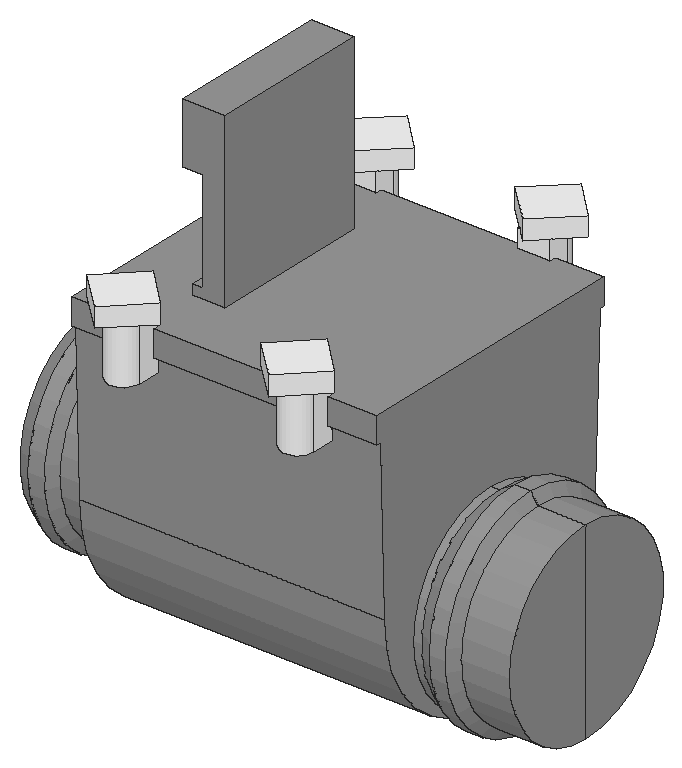
Revit family "HL_RU_Anti-flooding valve_HL710.1-A-171212", category Příslušenství trubek, Revit 2021
Family settings
  Kóta kulaté spojky = Použít průměr
  Typ dílu = Normální
  Číslo OmniClass = 23.65.55.14.21
  Nadpis OmniClass = Non-Return Valves for Liquid Services
  Založené na pracovní rovině = Ne
  Vždy vertikální = Ano
  Ořezat dutým tvarem při načtení = Ne
  Sdílené = Ne
Parameters
  РАЗМЕР = "DN110"
  ПРОПУСКНАЯ СПОСОБНОСТЬ [instance] = 0.0 m³/h
  ПРАВОВАЯ ИНФОРМАЦИЯ = "\"Copyright (©), design rights or any other intellectual property rights, shall be the exclusive property of HL Hutterer & Lechner GmbH. Modification is not allowed. Family has been watermarked.\""
  ПАДЕНИЕ ДАВЛЕНИЯ [instance] = 0.0 Pa
  НОМИНАЛЬНЫЙ ДИАМЕТР 2 = 110 mm
  НОМИНАЛЬНЫЙ ДИАМЕТР = 110 mm
  МАТЕРИАЛ = "ABS"
  ВЫСОТА МОНТАЖА = "320 mm"
  ВЕС = "1,747 kg"
  Výrobce = "HL Hutterer & Lechner GmbH"
  Výchozí výška = 0 mm
  URL = "http://www.hutterer-lechner.com/en/products/catalog/roof-drains/HL710.1.aspx"
  Description = "Anti flood valves"
  Model = "HL710.1"
  Type Comments = "anti-flood valve DN110 with stainless steel flap and manual blocking"
  Keynote = "HL710.1"
  EAN = "9003076971015"
  Cena = 0
Types (2, lengths in mm): name | ПРАВОВАЯ ИНФОРМАЦИЯ | URL | Description | Type Comments
  (no name) | "\"Copyright (©), design rights or any other intellectual property rights, shall be the exclusive property of HL Hutterer & Lechner GmbH. Modification is not allowed. Family has been watermarked.\"" | "http://www.hutterer-lechner.com/en/products/catalog/roof-drains/HL710.1.aspx" | "Anti flood valves" | "anti-flood valve DN110 with stainless steel flap and manual blocking"
  HL_Механический канализационный затвор_HL710.1 | "\"Авторские права(©), права на дизайн или какие либо другие права интелектуальной собственности являются исключительной собственностью компании HL Hutterer & Lechner. Изменению не подлежит. Файл семейства с данными о прозводителе изделия защищен паролем с водяным знаком.\"" | "http://www.hutterer-lechner.com/ru/products/catalog/roof-drains/HL710.1.aspx" | "Механический канализационный затвор" | "Механический канализационный затвор DN110 с заслонкой из нержавеющей стали и ручным затвором."
Reference planes
  plane 1 "Střed (vpředu/vzadu)": y = 0
  plane 2: z = 0
  plane 3 "Střed (vlevo/vpravo)": x = 0
Forms (mm)
  Sweep 1, solid, material "Plastic - Orange", detail levels fine
    path origin (99.75, -0.031, 123.14) x (1, 0, 0) y (0, 1, 0)
      loop
        line (94.75, 0) -> (-94.75, 0)
    profile origin (99.75, -0.031, 123.14) x (0, -1, 0) y (0, 0, 1)
      loop
        line (0, 0) -> (-88.191, 0) -> (-88.191, -16) -> (-85.007, -16) -> (-81.517, -115.939)
        arc (-81.517, -115.939) -> (-58.546, -174.931) -> (0, -199.017) r 80.412
        arc (0, -199.017) -> (58.546, -174.931) -> (81.517, -115.939) r 80.412
        line (81.517, -115.939) -> (85.007, -16) -> (88.191, -16) -> (88.191, 0) -> (0, 0)
  Extrusion 2, solid, material "Plactic - White", detail levels fine
    sketch origin (99.75, -0.031, 123.14) x (1, 0, 0) y (0, 1, 0)
      loop
        line (54, -121.127) -> (76.627, -98.5) -> (54, -75.873) -> (31.373, -98.5) -> (54, -121.127)
    from 11.235 to 23.235
  Extrusion 3, solid, material "Plactic - White", detail levels fine
    sketch origin (99.75, -0.031, 134.375) x (0, 1, 0) y (1, 0, 0)
      loop
        arc (-98.5, 64) -> (-108.5, 54) -> (-98.5, 44) r 10
        line (-98.5, 44) -> (-84.694, 44) -> (-84.694, 64) -> (-98.5, 64)
    from 0 to 37.235
  Extrusion 4, solid, material "Plactic - White", detail levels fine
    sketch origin (-8.25, -0.031, 123.14) x (1, 0, 0) y (0, 1, 0)
      loop
        line (54, -121.127) -> (76.627, -98.5) -> (54, -75.873) -> (31.373, -98.5) -> (54, -121.127)
    from 11.235 to 23.235
  Extrusion 5, solid, material "Plactic - White", detail levels fine
    sketch origin (-8.25, -0.031, 134.375) x (0, 1, 0) y (1, 0, 0)
      loop
        arc (-98.5, 64) -> (-108.5, 54) -> (-98.5, 44) r 10
        line (-98.5, 44) -> (-84.694, 44) -> (-84.694, 64) -> (-98.5, 64)
    from 0 to 37.235
  Extrusion 6, solid, material "Plactic - White", detail levels fine
    sketch origin (99.75, -0.031, 123.14) x (1, 0, 0) y (0, 1, 0)
      loop
        line (54, 121.127) -> (31.373, 98.5) -> (54, 75.873) -> (76.627, 98.5) -> (54, 121.127)
    from 11.235 to 23.235
  Extrusion 7, solid, material "Plactic - White", detail levels fine
    sketch origin (99.75, -0.031, 134.375) x (0, -1, 0) y (1, 0, 0)
      loop
        arc (-98.5, 64) -> (-108.5, 54) -> (-98.5, 44) r 10
        line (-98.5, 44) -> (-84.694, 44) -> (-84.694, 64) -> (-98.5, 64)
    from 0 to 37.235
  Extrusion 8, solid, material "Plactic - White", detail levels fine
    sketch origin (-8.25, -0.031, 123.14) x (1, 0, 0) y (0, 1, 0)
      loop
        line (54, 121.127) -> (31.373, 98.5) -> (54, 75.873) -> (76.627, 98.5) -> (54, 121.127)
    from 11.235 to 23.235
  Extrusion 9, solid, material "Plactic - White", detail levels fine
    sketch origin (-8.25, -0.031, 134.375) x (0, 1, 0) y (1, 0, 0)
      loop
        line (98.5, 64) -> (84.694, 64) -> (84.694, 44) -> (98.5, 44)
        arc (98.5, 44) -> (108.5, 54) -> (98.5, 64) r 10
    from 0 to 37.235
  Sweep 10, solid, material "Plastic - Orange", not visible, detail levels fine
    path origin (99.75, -0.031, 123.14) x (1, 0, 0) y (0, 0, 1)
      loop
        line (154.383, -137.5) -> (94.75, -137.5)
    profile origin (224.316, -0.031, -14.36) x (0, 0, -1) y (0, -1, 0)
      loop
        circle (0, 0) r 55
  Revolve 11, solid, material "Plastic - Orange", detail levels fine
    sketch origin (99.75, -0.031, 123.14) x (1, 0, 0) y (0, 0, 1)
      loop
        line (-149.117, -123.14) -> (-94.75, -123.14) -> (-94.75, -63.685) -> (-124.977, -63.685) -> (-129.134, -56.965) -> (-139.134, -56.965) -> (-149.117, -63.14) -> (-149.117, -123.14)
      axis (-94.75, -123.14) -> (-149.117, -123.14)
    angle from 0 to 360
  Extrusion 12, solid, material "Plastic - Red", detail levels fine
    sketch origin (102.352, 0, 123.14) x (1, 0, 0) y (0, 0, 1)
      loop
        line (-32.383, 106.5) -> (-58.883, 106.5) -> (-58.883, 69) -> (-46.383, 69) -> (-46.383, 5.902) -> (-52.472, 5.902) -> (-52.472, 0) -> (-32.383, 0) -> (-32.383, 106.5)
    from -50 to 50
  Revolve 13, solid, material "Plastic - Orange", detail levels fine
    sketch origin (348.883, -0.031, 108.78) x (1, 0, 0) y (0, 0, 1)
      loop
        line (-154.383, -123.14) -> (-94.75, -123.14) -> (-94.75, -63.685) -> (-124.977, -63.685) -> (-129.134, -56.965) -> (-139.134, -56.965) -> (-149.117, -63.14) -> (-154.383, -63.14) -> (-154.383, -123.14)
      axis (-94.75, -123.14) -> (-154.383, -123.14)
    angle from 0 to 360
Lines and regions (mm)
  symbolic lines, style "Symbol", detail levels coarse+medium
    curve 1: line (254.133, 0, 0) -> (0, 0, 0)
    curve 2: line (252.066, -60, 0) -> (252.066, 60, 0)
    curve 3: line (252.066, 60, 0) -> (2.066, 60, 0)
    curve 4: line (2.066, -60, 0) -> (2.066, 60, 0)
    curve 9: line (127.066, -105, 0) -> (127.066, 105, 0)
    curve 10: line (252.066, -60, 0) -> (2.066, -60, 0)
  model lines, style "Symbol", detail levels coarse+medium
    curve 5: line (0, 0, 1.598) -> (254.503, 0, -14.322)
    curve 6: line (252.251, 0, -66.362) -> (252.251, 0, 53.638)
    curve 7: line (252.251, 0, 53.638) -> (2.251, 0, 53.638)
    curve 8: line (2.251, 0, -66.362) -> (2.251, 0, 53.638)
    curve 13: line (252.251, 0, -66.362) -> (2.251, 0, -66.362)
  model lines, detail levels coarse+medium
    curve 11: line (127.251, 0, -6.362) -> (127.251, 0, 98.638)
    curve 12: line (127.251, 0, -111.362) -> (127.251, 0, -6.362)
Dimensions and locks
  aligned and locked: level to plane 2
Connectors
  piping at (0, 0, 0), diameter 110, driven by "ПАДЕНИЕ ДАВЛЕНИЯ", driven by "НОМИНАЛЬНЫЙ ДИАМЕТР", driven by "ПРОПУСКНАЯ СПОСОБНОСТЬ"
    settings: on plane 3 "Střed (vlevo/vpravo)", index 1, connector inside diameter 609.6 mm, connector length 0 mm, flow factor 0, pipe flow 0.0 m³/h, pressure drop 0.0 Pa, fitting loss kfactor 0, connector angle 0.00°, fixture units 0, engagement length 0 mm, angle of deflection 0.00°, flow configuration 0, flow direction 0, fitting loss method 4, system type 16, joint type 0, gender type 0, connector reference index -1, connector utility 0, adjustable connector no, is connector primary yes, connector description ""
  piping at (254.133, -0.031, -14.36), diameter 110, driven by "НОМИНАЛЬНЫЙ ДИАМЕТР 2", driven by "ПРОПУСКНАЯ СПОСОБНОСТЬ"
    settings: on Sweep 10, index 2, connector inside diameter 609.6 mm, connector length 0 mm, flow factor 0, pipe flow 0.0 m³/h, pressure drop 0.0 Pa, fitting loss kfactor 0, connector angle 0.00°, fixture units 0, engagement length 0 mm, angle of deflection 0.00°, flow configuration 1, flow direction 2, fitting loss method 4, system type 16, joint type 0, gender type 0, connector reference index -1, connector utility 0, adjustable connector no, is connector primary no, connector description ""
